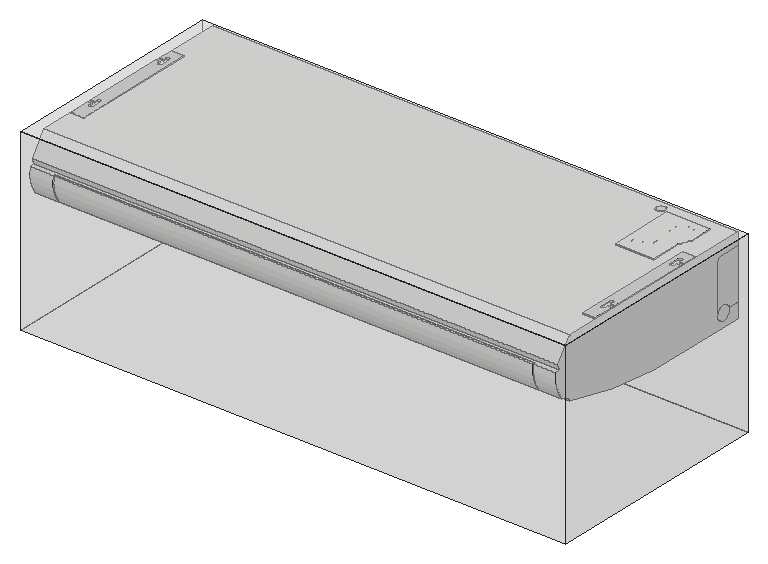
Revit family "outputfile", category 機械設備, Revit 2024
Family settings
  丸型コネクタ寸法 = 半径を使用
  パーツ タイプ = 標準
  OmniClass 番号 = 23.75.10.24.21.27.27
  OmniClass タイトル = Split System Air Conditioning Units
  作業面ベース = いいえ
  常に垂直 = はい
  ロード時にボイドで切り取り = いいえ
  注釈の向きを維持 = いいえ
  共有 = いいえ
  部屋計算ポイント = はい
Parameters (values of type "FHA140DVA")
  製造元 = "Daikin"
  書き出し IFC クラス(タイプ) = "IfcUnitaryEquipmentType"
  定義済み IFC タイプ(タイプ) = "AIRCONDITIONINGUNIT"
  モデル = "FHA140DVA"
  switch_frequency = yes
  r_Liquid Pipe Size = Liquid Pipe Size / 2  # 4.75 mm
  r_Gas Pipe Size = Gas Pipe Size / 2  # 7.95 mm
  r_Drain Pipe Size = Drain Pipe Size / 2  # 10.0 mm
  l_powersupply [instance] = if(Rear Right Connection_powersupply, 29.0 mm, 175.0 mm)  # 29.0 mm
  h_mountinghole = 2.0 mm
  connector_voltage = Voltage_50Hz  # 230 V
  connector_powerinput = [Power Input (Cooling)]  # 4.700 kW
  connector_phase = Phase_50Hz  # 1
  angle_vertical_powersupply [instance] = if(Rear Right Connection_powersupply, 90.00°, 180.00°)  # 90.00°
  angle_vertical_drainpipe [instance] = if(or(Left Connection_drainpipe, Right Connection_drainpipe), 90.00°, if(Top Connection_drainpipe, 180.00°, -90.00°))  # -90.00°
  angle_horizontal_powersupply [instance] = if(Rear Right Connection_powersupply, 180.00°, 0.00°)  # 180.00°
  angle_horizontal_drainpipe [instance] = if(Right Connection_drainpipe, 90.00°, if(Left Connection_drainpipe, -90.00°, 0.00°))  # 0.00°
  Voltage_comment_60Hz = "220-240"
  Voltage_comment_50Hz = "220-240"
  Voltage_60Hz = 230 V
  Voltage_50Hz = 230 V
  Top Connection_refrigerant [instance] = no
  Top Connection_powersupply [instance] = not(Rear Right Connection_powersupply)  # no
  Right Connection_refrigerant [instance] = no
  Rear Right Connection_refrigerant [instance] = yes
  Phase_60Hz = 1
  Phase_50Hz = 1
  Material_Casing = DAIKIN_White_Casing_indoorunit
  lw_powersupply [instance] = if(Rear Right Connection_powersupply, 220.0 mm, 210.0 mm)  # 220.0 mm
  lw_mountinghole_pitch = Width - 40.0 mm  # 1550.0 mm
  lw_mountinghole = 20.0 mm
  lw_liquidpipe [instance] = if(Right Connection_refrigerant, 156.0 mm, if(Top Connection_refrigerant, 156.0 mm, 136.0 mm))  # 136.0 mm
  lw_gaspipe = 105.0 mm
  lw_drainpipe [instance] = if(Top Connection_drainpipe, 102.0 mm, if(Width = 960.0 mm, if(or(Left Connection_drainpipe, Rear Left Connection_drainpipe), 884.0 mm, 83.0 mm), if(Width = 1270.0 mm, if(or(Left Connection_drainpipe, Rear Left Connection_drainpipe), 1194.0 mm, 83.0 mm), if(Width = 1590.0 mm, if(or(Left Connection_drainpipe, Rear Left Connection_drainpipe), 1514.0 mm, 83.0 mm), 83.0 mm))))  # 83.0 mm
  lh_powersupply = 175.0 mm
  lh_liquidpipe [instance] = if(Rear Right Connection_refrigerant, 160.0 mm, 131.0 mm)  # 160.0 mm
  lh_gaspipe [instance] = if(Rear Right Connection_refrigerant, 150.0 mm, 91.0 mm)  # 150.0 mm
  lh_drainpipe = 197.0 mm
  l_antena = 1.0 mm
  ld_powersupply = 30.0 mm
  ld_mountinghole_pitch = 260.0 mm
  ld_mountinghole = 210.0 mm
  ld_liquidpipe [instance] = if(Right Connection_refrigerant, 57.0 mm, if(Top Connection_refrigerant, 189.0 mm, 221.0 mm))  # 221.0 mm
  ld_gaspipe [instance] = if(Right Connection_refrigerant, 57.0 mm, if(Top Connection_refrigerant, 163.0 mm, 214.0 mm))  # 214.0 mm
  ld_drainpipe [instance] = if(or(Left Connection_drainpipe, Right Connection_drainpipe), 57.0 mm, if(Top Connection_drainpipe, 87.0 mm, 268.0 mm))  # 268.0 mm
  l_liquidpipe_length [instance] = if(Right Connection_refrigerant, 156.0 mm, if(Top Connection_refrigerant, 131.0 mm, 220.0 mm))  # 220.0 mm
  l_gaspipe_length [instance] = if(Right Connection_refrigerant, 105.0 mm, if(Top Connection_refrigerant, 91.0 mm, 213.0 mm))  # 213.0 mm
  l_drainpipe_length [instance] = if(Right Connection_drainpipe, 83.0 mm, if(Top Connection_drainpipe, 197.0 mm, if(Left Connection_drainpipe, 76.0 mm, 267.0 mm)))  # 267.0 mm
  h*** = 0.0 mm
  angle_vertical [instance] = if(Right Connection_refrigerant, 90.00°, if(Top Connection_refrigerant, 180.00°, -90.00°))  # -90.00°
  angle_horizontal [instance] = if(Right Connection_refrigerant, 90.00°, 0.00°)  # 0.00°
  Width = 1590.0 mm
  Version = "ver.1.0"
  Unit Type = "Ceiling"
  Unit Mass Weight = 38.00 kg
  Unit Designation [instance] = ""
  Uniclass2015Version = "Products v1.30"
  Uniclass2015Title = "Split coil room air conditioning units"
  Uniclass2015Code = "Pr_70_65_03_86"
  Total Cooling Capacity [instance] = 0.000 kW
  Top Connection_drainpipe [instance] = no
  Sound Pressure Level_M speed (dBA) = 42
  Sound Pressure Level_L speed (dBA) = 38
  Sound Pressure Level_H speed (dBA) = 46
  Series = "SkyAir_Fan Coil Unit"
  Sensible Cooling Capacity [instance] = 0.000 kW
  Rear Right Connection_drainpipe [instance] = yes
  Rear Right Connection_powersupply [instance] = yes
  Right Connection_drainpipe [instance] = no
  Refrigerant Type = "R32"
  Power Input (Cooling) = 4.700 kW
  Option Accessory 3 [instance] = ""
  Option Accessory 2 [instance] = ""
  Option Accessory 1 [instance] = ""
  Nominal Cooling Capacity = 14.000 kW
  Minimum Airflow = 1440.00 m³/h
  Median Airflow = 1740.00 m³/h
  Maximum Airflow = 2040.00 m³/h
  Load Classification = HVAC
  Liquid Pipe Size = 9.5 mm
  Link_Nested Family [instance] = ""
  Rear Left Connection_drainpipe [instance] = no
  Left Connection_drainpipe [instance] = no
  IfcVersion = ""
  IfcExportType = "AIRCONDITIONINGUNIT"
  IfcExportAs = "IfcUnitaryEquipmentType"
  Height = 235.0 mm
  Heat Exchanger Type = "Cross Fin Coil"
  Gas Pipe Size = 15.9 mm
  Frequency_60Hz = 60 Hz
  Frequency_50Hz = 50 Hz
  Fan Type = "Cross Flow Fan"
  Fan Drive = "Direct Drive"
  FCU Tag No. [instance] = ""
  Drain Pipe Size = 20.0 mm
  Design Supply Airflow [instance] = 0.00 m³/h
  Design Outdoor Airflow [instance] = 0.00 m³/h
  Depth = 690.0 mm
  既定の高さ = 0.0 mm
  Cooling Entering Wet Bulb Temperature [instance] = 0.00 °C
  Cooling Entering Dry Bulb Temperature [instance] = 0.00 °C
  Cooling Ambient Wet Bulb Temperature [instance] = 0.00 °C
  Cooling Ambient Dry Bulb Temperature [instance] = 0.00 °C
  Clearance visibility [instance] = yes
  Clearance Top = 5.0 mm
  Clearance Right = 30.0 mm
  Clearance Rear = 0.0 mm
  Clearance Left = 30.0 mm
  Clearance Front = 0.0 mm
  Clearance Bottom = 300.0 mm
Reference planes
  plane 1 "Back": y = 0
  plane 2: z = 0
  plane 3 "Center (Left/Right)": x = 0
  plane 4 "Center (Front/Back)": y = -1
  plane 5 "Front": y = -690
  plane 6 "Left": x = -795
  plane 7 "Right": x = 795
  plane 8 "Top": z = 0
  plane 9 "Bottom": z = -235
  plane 10: y = -690
  plane 11: x = -825
  plane 12: x = 825
  plane 13: z = 5
  plane 14: z = -535
  plane 15: y = 0
  plane 16 "lw_mountinghole": x = -775
  plane 17 "lw_mountinghole2": x = 775
  plane 18 "ld_mountinghole": y = -210
  plane 19 "ld_mountinghole2": y = -470
  plane 20 "lw_gaspipe": x = 690
  plane 21 "ld_gaspipe": y = -214
  plane 22 "lh_gaspipe": z = -150
  plane 23 "lw_liquidpipe": x = 659
  plane 24 "ld_liquidpipe": y = -221
  plane 25 "lh_liquidpipe": z = -160
  plane 26 "ld_drainpipe": y = -268
  plane 27 "lw_drainpipe": x = 712
  plane 28 "lh_drainpipe": z = -197
  plane 29 "lw_powersupply": x = 575
  plane 30 "lh_powersupply": z = -175
  plane 31 "ld_powersupply": y = -30
  plane 32: x = -725.5
  plane 33: x = 725.5
  plane 34: x = -750
  plane 35: x = 750
  plane 36: x = -2
  plane 37: x = 2
Forms (mm)
  Extrusion 1, solid, material "DAIKIN_White_Casing_indoorunit" <- "Material_Casing"
    sketch origin (0, 0, 0) x (0, 1, 0) y (0, 0, 1)
      loop
        line (-639.277, 0) -> (-680.876, -61.699) -> (-675.026, -77.772)
        arc (-675.026, -77.772) -> (-681.815, -78.743) -> (-688.601, -79.732) r 2634.132
        arc (-688.601, -79.732) -> (-687.018, -121.096) -> (-669.159, -158.439) r 102.2
        line (-669.159, -158.439) -> (-639.858, -169.325) -> (-635.895, -178.261)
        arc (-635.895, -178.261) -> (-479.121, -215.759) -> (-319.077, -235) r 1400.997
        line (-319.077, -235) -> (-1, -235) -> (-1, 0) -> (-639.277, 0)
    from -795 to 795
  Extrusion 2, solid, material "DAIKIN_White_Casing_indoorunit" <- "Material_Casing"
    sketch origin (0, 0, 0) x (0, 1, 0) y (0, 0, 1)
      loop
        arc (-688.601, -79.732) -> (-687.018, -121.096) -> (-669.159, -158.439) r 102.2
        line (-669.159, -158.439) -> (-665.589, -154.869)
        arc (-665.589, -154.869) -> (-682.432, -118.783) -> (-683.39, -78.971) r 97.2
        arc (-683.39, -78.971) -> (-685.996, -79.351) -> (-688.601, -79.732) r 2634.132
    from -725.5 to 725.5
  Extrusion 3, void
    sketch origin (0, 0, 0) x (0, 1, 0) y (0, 0, 1)
      loop
        line (-301.098, -235) -> (-21.098, -235) -> (-21.098, -230) -> (-301.098, -230) -> (-301.098, -235)
    from -750 to 750
  Extrusion 4, solid, material "DAIKIN_White_Grille_indoorunit"
    sketch origin (0, 0, 0) x (0, 1, 0) y (0, 0, 1)
      loop
        line (-20.098, -230) -> (-301.098, -230) -> (-301.098, -235) -> (-20.098, -235) -> (-20.098, -230)
    from -750 to -2
  Extrusion 5, solid, material "DAIKIN_White_Casing_indoorunit" <- "Material_Casing"
    sketch origin (0, 0, 0) x (1, 0, 0) y (0, 0, 1)
      loop
        line (602, -63) -> (602, -178) -> (673, -220) -> (736, -220) -> (736, -63) -> (602, -63)
    from 0 to 1
  Extrusion 6, solid, material "DAIKIN_White_Casing_indoorunit" <- "Material_Casing"
    sketch origin (0, 0, 0) x (-1, 0, 0) y (0, -1, 0)
      loop
        line (-607, 35) -> (-607, 230) -> (-723, 230) -> (-723, 135) -> (-738, 105) -> (-738, 35) -> (-607, 35)
    from 0 to 1.9
  Extrusion 7, void
    sketch origin (795, 0, 0) x (0, 1, 0) y (0, 0, 1)
      loop
        arc (-79.5, -195) -> (-55.446, -217.446) -> (-34.715, -191.9) r 22.5
        line (-34.715, -191.9) -> (-1, -191.9) -> (-1, -190.1) -> (-35.04, -190.1)
        arc (-35.04, -190.1) -> (-54.942, -172.594) -> (-77.7, -186.182) r 22.5
        line (-77.7, -186.182) -> (-77.7, -43)
        arc (-77.7, -43) -> (-76.528, -40.172) -> (-73.7, -39) r 4
        line (-73.7, -39) -> (-1, -39) -> (-1, -37.2) -> (-73.7, -37.2)
        arc (-73.7, -37.2) -> (-77.801, -38.899) -> (-79.5, -43) r 5.8
        line (-79.5, -43) -> (-79.5, -195)
      loop
        circle (-57, -195) r 20.7
    from 0 to -10
  Extrusion 8, void
    sketch origin (-1444.026, -1, 1200) x (1, 0, 0) y (0, 0, 1)
      loop
        arc (715.026, -1375) -> (704.42, -1379.393) -> (700.026, -1390) r 15
        line (700.026, -1390) -> (700.026, -1400)
        arc (700.026, -1400) -> (704.42, -1410.607) -> (715.026, -1415) r 15
        line (715.026, -1415) -> (745.026, -1415)
        arc (745.026, -1415) -> (755.633, -1410.607) -> (760.026, -1400) r 15
        line (760.026, -1400) -> (760.026, -1390)
        arc (760.026, -1390) -> (755.633, -1379.393) -> (745.026, -1375) r 15
        line (745.026, -1375) -> (715.026, -1375)
    from 0 to 10
  Extrusion 9, void
    sketch origin (-795, 0, 0) x (0, 1, 0) y (0, 0, 1)
      loop
        circle (-57, -197) r 22.5
    from 0 to 10
  Extrusion 10, void
    sketch origin (-1444.026, -1, 1200) x (1, 0, 0) y (0, 0, 1)
      loop
        circle (2136.026, -1375) r 44
    from 0 to 10
  Extrusion 11, void
    sketch origin (0, 0, 0) x (-1, 0, 0) y (0, -1, 0)
      loop
        circle (-693, 87) r 30
    from 0 to -10
  Extrusion 12, void
    sketch origin (0, 0, 0) x (-1, 0, 0) y (0, -1, 0)
      loop
        circle (-690, 163) r 18
    from 0 to -10
  Extrusion 13, void
    sketch origin (0, 0, 0) x (-1, 0, 0) y (0, -1, 0)
      loop
        circle (-639, 189) r 13
    from 0 to -10
  Extrusion 14, void
    sketch origin (-1444.026, -1, 1200) x (1, 0, 0) y (0, 0, 1)
      loop
        circle (2019.026, -1375) r 14.5
    from 0 to 10
  Extrusion 15, void
    sketch origin (0, 0, 0) x (-1, 0, 0) y (0, -1, 0)
      loop
        circle (-585, 30) r 14.5
    from 0 to -10
  Extrusion 16, void
    sketch origin (795, 0, 0) x (0, 1, 0) y (0, 0, 1)
      loop
        arc (-665.589, -154.869) -> (-682.432, -118.783) -> (-683.39, -78.971) r 97.2
        arc (-683.39, -78.971) -> (-685.996, -79.351) -> (-688.601, -79.732) r 2634.132
        arc (-688.601, -79.732) -> (-687.018, -121.096) -> (-669.159, -158.439) r 102.2
        line (-669.159, -158.439) -> (-665.589, -154.869)
    from -69.5 to -1520.5
  Extrusion 17, solid, material "DAIKIN_White_Casing_indoorunit" <- "Material_Casing"
    sketch origin (-795, 0, 0) x (0, 1, 0) y (0, 0, 1)
      loop
        circle (-57, -197) r 22.5
    from 0 to 10
  Extrusion 18, solid, material "DAIKIN_White_Grille_indoorunit"
    sketch origin (780, 0, 0) x (0, 1, 0) y (0, 0, 1)
      loop
        line (-20.098, -230) -> (-301.098, -230) -> (-301.098, -235) -> (-20.098, -235) -> (-20.098, -230)
    from -782 to -778
  Extrusion 19, solid, material "DAIKIN_White_Grille_indoorunit"
    sketch origin (0, 0, 0) x (0, 1, 0) y (0, 0, -1)
      loop
        line (-20.098, 230) -> (-20.098, 235) -> (-301.098, 235) -> (-301.098, 230) -> (-20.098, 230)
    from -750 to -2
Cuts and joins
  Extrusion 3, Extrusion 7, Extrusion 8, Extrusion 9, Extrusion 10, Extrusion 11, Extrusion 12, Extrusion 13, Extrusion 14, Extrusion 15, Extrusion 16 cuts Extrusion 1
Lines and regions (mm)
  reference lines
    curve 1: line (795, -580.282, -192.75) -> (795, -551.225, -200.21)
Dimensions and locks
  equal spacing: plane 6 "Left", plane 3 "Center (Left/Right)", plane 7 "Right"
  "Width": plane 6 "Left" to plane 7 "Right"
  "Depth": plane 5 "Front" to plane 1 "Back"
  "Height": plane 8 "Top" to plane 9 "Bottom"
  "Clearance Front": plane 10 to plane 5 "Front"
  "Clearance Left": plane 11 to plane 6 "Left"
  "Clearance Right": plane 7 "Right" to plane 12
  "Clearance Top": plane 13 to plane 8 "Top"
  "Clearance Bottom": plane 9 "Bottom" to plane 14
  "Clearance Rear": plane 1 "Back" to plane 15
  locked: plane 4 "Center (Front/Back)" to plane 1 "Back" at 1
  locked: Extrusion 1 sketch curve to Extrusion 1 sketch curve at 235
  locked: Extrusion 1 sketch curve to Extrusion 1 sketch curve at 318.077
  locked: Extrusion 1 sketch curve to Extrusion 1 sketch curve at 1163.297
  locked: Extrusion 1 sketch curve to Extrusion 1 sketch curve at 231.144
  Extrusion 3 sketch curve to Extrusion 3 sketch curve to plane 1 "Back" = 280.0 mm locked, 21.098 mm locked
  "ld_mountinghole": plane 18 "ld_mountinghole" to plane 1 "Back"
  "ld_mountinghole_pitch": plane 18 "ld_mountinghole" to plane 19 "ld_mountinghole2"
  "lw_mountinghole_pitch": plane 16 "lw_mountinghole" to plane 17 "lw_mountinghole2"
  "lw_mountinghole": plane 6 "Left" to plane 16 "lw_mountinghole"
  "lw_gaspipe": plane 20 "lw_gaspipe" to plane 7 "Right"
  "ld_gaspipe": plane 1 "Back" to plane 21 "ld_gaspipe"
  "lw_liquidpipe": plane 23 "lw_liquidpipe" to plane 7 "Right"
  "ld_liquidpipe": plane 1 "Back" to plane 24 "ld_liquidpipe"
  "lw_drainpipe": plane 27 "lw_drainpipe" to plane 7 "Right"
  "ld_drainpipe": plane 26 "ld_drainpipe" to plane 1 "Back"
  plane 8 "Top" to Extrusion 5 sketch curve to Extrusion 5 sketch curve = 63.0 mm locked, 157.0 mm locked
  plane 7 "Right" to Extrusion 5 sketch curve to Extrusion 5 sketch curve = 59.0 mm locked, 134.0 mm locked
  locked: Extrusion 5 sketch curve to Extrusion 5 sketch curve at 115
  locked: Extrusion 5 sketch curve to Extrusion 5 sketch curve at 63
  locked: Extrusion 6 sketch curve to Extrusion 6 sketch curve at 195
  locked: Extrusion 6 sketch curve to Extrusion 6 sketch curve at 116
  locked: Extrusion 6 sketch curve to Extrusion 6 sketch curve at 131
  locked: Extrusion 6 sketch curve to Extrusion 6 sketch curve at 100
  locked: Extrusion 6 sketch curve to plane 1 "Back" at 35
  locked: Extrusion 6 sketch curve to plane 7 "Right" at 57
  locked: Extrusion 8 sketch curve to Extrusion 8 sketch curve at 40
  locked: Extrusion 8 sketch curve to Extrusion 8 sketch curve at 60
  locked: plane 8 "Top" to Extrusion 8 sketch curve at 175
  locked: Extrusion 8 sketch curve to plane 6 "Left" at 51
  locked: plane 7 "Right" to Extrusion 10 sketch curve at 103
  locked: plane 8 "Top" to Extrusion 10 sketch curve at 175
  locked: Extrusion 11 sketch curve to plane 1 "Back" at 87
  locked: Extrusion 11 sketch curve to plane 7 "Right" at 102
  locked: Extrusion 12 sketch curve to plane 1 "Back" at 163
  locked: Extrusion 12 sketch curve to plane 7 "Right" at 105
  locked: Extrusion 13 sketch curve to plane 1 "Back" at 189
  locked: Extrusion 13 sketch curve to plane 7 "Right" at 156
  "lw_powersupply": plane 29 "lw_powersupply" to plane 7 "Right"
  "lh_gaspipe": plane 8 "Top" to plane 22 "lh_gaspipe"
  "lh_liquidpipe": plane 8 "Top" to plane 25 "lh_liquidpipe"
  "lh_powersupply": plane 8 "Top" to plane 30 "lh_powersupply"
  "lh_drainpipe": plane 8 "Top" to plane 28 "lh_drainpipe"
  "ld_powersupply": plane 1 "Back" to plane 31 "ld_powersupply"
  locked: plane 8 "Top" to Extrusion 7 sketch curve at 195
  locked: Extrusion 7 sketch curve to plane 1 "Back" at 57
  locked: plane 9 "Bottom" to Extrusion 7 sketch curve at 43.1
  locked: Extrusion 7 sketch curve to plane 8 "Top" at 39
  locked: Extrusion 7 sketch curve to plane 1 "Back" at 79.5
  locked: Extrusion 9 sketch curve to plane 1 "Back" at 57
  locked: plane 8 "Top" to Extrusion 9 sketch curve at 197
  locked: Extrusion 17 sketch curve to plane 1 "Back" at 57
  locked: plane 8 "Top" to Extrusion 17 sketch curve at 197
  locked: plane 7 "Right" to Extrusion 14 sketch curve at 220
  locked: plane 8 "Top" to Extrusion 14 sketch curve at 175
  locked: Extrusion 15 sketch curve to plane 7 "Right" at 210
  locked: Extrusion 15 sketch curve to plane 1 "Back" at 30
  locked: curve 1 to plane 9 "Bottom" at 34.79
  locked: curve 1 to plane 9 "Bottom" at 42.25
  locked: plane 6 "Left" to plane 32 at 69.5
  locked: plane 33 to plane 7 "Right" at 69.5
  locked: plane 35 to plane 7 "Right" at 45
  locked: plane 6 "Left" to plane 34 at 45
  plane 36 to plane 3 "Center (Left/Right)" to plane 37 = 2.0 mm locked, 2.0 mm locked
  locked: curve 1 to plane 9 "Bottom" (angle 14.40°)
  aligned and locked: level to plane 2
  aligned and locked: nested 1 to plane 11
  aligned and locked: nested 1 to plane 12
  aligned and locked: nested 1 to plane 10
  aligned and locked: plane 13 to nested 1
  aligned and locked: plane 14 to nested 1
  aligned and locked: plane 15 to nested 1
  aligned and locked: Extrusion 1 sketch curve to plane 8 "Top"
  aligned and locked: Extrusion 2 sketch curve to Extrusion 1  (x2)
  aligned and locked: plane 7 "Right" to Extrusion 1
  aligned and locked: Extrusion 1 to plane 6 "Left"
  aligned and locked: cut or joined group 1 (Extrusion 1, Extrusion 3, Extrusion 7, Extrusion 8, Extrusion 9, Extrusion 10, Extrusion 11, Extrusion 12, Extrusion 13, Extrusion 14, Extrusion 15, Extrusion 16) to Extrusion 3 sketch curve
  aligned and locked: cut or joined group 1 to Extrusion 4 sketch curve
  aligned and locked: Extrusion 5 to plane 4 "Center (Front/Back)"
  aligned and locked: Extrusion 7 sketch curve to plane 4 "Center (Front/Back)"
  aligned and locked: Extrusion 16 sketch curve to Extrusion 2  (x4)
  aligned and locked: Extrusion 16 to Extrusion 2  (x2)
  aligned and locked: nested 2 to plane 26 "ld_drainpipe"
  aligned and locked: plane 27 "lw_drainpipe" to nested 2
  aligned and locked: plane 20 "lw_gaspipe" to nested 3
  aligned and locked: nested 3 to plane 21 "ld_gaspipe"
  aligned and locked: plane 23 "lw_liquidpipe" to nested 4
  aligned and locked: nested 4 to plane 24 "ld_liquidpipe"
  aligned and locked: plane 25 "lh_liquidpipe" to nested 4
  aligned and locked: nested 5 to plane 31 "ld_powersupply"
  aligned and locked: plane 29 "lw_powersupply" to nested 5
  aligned and locked: nested 7 to plane 18 "ld_mountinghole"
  aligned and locked: plane 16 "lw_mountinghole" to nested 7
  aligned and locked: nested 6 to plane 19 "ld_mountinghole2"
  aligned and locked: plane 16 "lw_mountinghole" to nested 6
  aligned and locked: nested 9 to plane 18 "ld_mountinghole"
  aligned and locked: plane 17 "lw_mountinghole2" to nested 9
  aligned and locked: plane 17 "lw_mountinghole2" to nested 8
  aligned and locked: nested 8 to plane 19 "ld_mountinghole2"
  aligned and locked: nested 10 to curve 1
  aligned and locked: level to plane 8 "Top"
  aligned and locked: cut or joined group 1 to plane 32
  aligned and locked: plane 33 to cut or joined group 1
  aligned and locked: Extrusion 16 to plane 32
  aligned and locked: plane 33 to Extrusion 16
  aligned and locked: Extrusion 4 to plane 34
  aligned and locked: cut or joined group 1 to plane 34
  aligned and locked: plane 34 to Extrusion 4  (x3)
  aligned and locked: plane 16 "lw_mountinghole" to nested 11
  aligned and locked: plane 17 "lw_mountinghole2" to nested 12
  aligned and locked: plane 36 to Extrusion 4
  aligned and locked: Extrusion 18 to plane 36
  aligned and locked: plane 37 to Extrusion 18
  aligned and locked: Extrusion 19 to plane 37
  aligned and locked: plane 37 to Extrusion 19
  aligned and locked: plane 35 to Extrusion 19
  aligned and locked: plane 35 to Extrusion 3
  aligned and locked: Extrusion 4 to cut or joined group 1
  aligned and locked: cut or joined group 1 to Extrusion 18
  aligned and locked: cut or joined group 1 to Extrusion 19
Automatic sketch dimensions
  Extrusion 1 sketch curve to plane 4 "Center (Front/Back)" = 0.0 mm
  Extrusion 1 sketch curve to plane 5 "Front" = 102.2 mm
  Extrusion 1 sketch curve to plane 30 "lh_powersupply" = 3.261 mm
  Extrusion 1 sketch curve to plane 5 "Front" = 50.723 mm
  plane 30 "lh_powersupply" to Extrusion 1 sketch curve = 5.675 mm
  Extrusion 1 sketch curve to Extrusion 1 sketch curve = 3.963 mm
  plane 25 "lh_liquidpipe" to Extrusion 1 sketch curve = 1.561 mm
  Extrusion 1 sketch curve to plane 5 "Front" = 20.841 mm
  Extrusion 1 sketch curve to plane 5 "Front" = 14.974 mm
  Extrusion 1 sketch curve to plane 5 "Front" = 9.124 mm
  Extrusion 1 sketch curve to plane 26 "ld_drainpipe" = 37.278 mm
  Extrusion 1 sketch curve to plane 14 = 2150.825 mm
  plane 22 "lh_gaspipe" to Extrusion 1 sketch curve = 53.413 mm
  Extrusion 1 sketch curve to level = 77.772 mm
  Extrusion 1 sketch curve to Extrusion 1 sketch curve = 16.072 mm
  Extrusion 2 sketch curve to Extrusion 2 sketch curve = 0.0 mm  (x2)
  plane 25 "lh_liquidpipe" to Extrusion 2 sketch curve = 1.561 mm
  Extrusion 2 sketch curve to plane 22 "lh_gaspipe" = 4.869 mm
  Extrusion 2 sketch curve to Extrusion 2 sketch curve = 3.57 mm
  Extrusion 3 sketch curve to Extrusion 3 sketch curve = 5.0 mm
  plane 31 "ld_powersupply" to Extrusion 4 sketch curve = 9.902 mm
  Extrusion 4 sketch curve to Extrusion 4 sketch curve = 5.0 mm
  Extrusion 6 sketch curve to Extrusion 6 sketch curve = 30.0 mm
  Extrusion 7 sketch curve to Extrusion 7 sketch curve = 0.0 mm  (x6)
  Extrusion 7 sketch curve to plane 4 "Center (Front/Back)" = 0.0 mm  (x2)
  Extrusion 7 sketch curve to Extrusion 7 sketch curve = 1.8 mm  (x2)
  Extrusion 7 sketch curve to Extrusion 7 sketch curve = 4.0 mm
  Extrusion 7 sketch curve to Extrusion 7 sketch curve = 0.325 mm
  Extrusion 8 sketch curve to plane 32 = 3.5 mm  (x2)
  Extrusion 8 sketch curve to plane 28 "lh_drainpipe" = 3.0 mm
  Extrusion 8 sketch curve to Extrusion 8 sketch curve = 15.0 mm
  curve 1 to plane 5 "Front" = 109.718 mm
  Extrusion 18 sketch curve to plane 9 "Bottom" = 0.0 mm
  plane 9 "Bottom" to Extrusion 18 sketch curve = 5.0 mm
  Extrusion 18 sketch curve to plane 26 "ld_drainpipe" = 33.098 mm
  plane 31 "ld_powersupply" to Extrusion 18 sketch curve = 9.902 mm
  Extrusion 19 sketch curve to plane 9 "Bottom" = 0.0 mm
  plane 9 "Bottom" to Extrusion 19 sketch curve = 5.0 mm
  Extrusion 19 sketch curve to plane 26 "ld_drainpipe" = 33.098 mm
  plane 31 "ld_powersupply" to Extrusion 19 sketch curve = 9.902 mm
  Extrusion 4 sketch curve to plane 26 "ld_drainpipe" = 33.098 mm
  radius of Extrusion 7 sketch curve = 20.7 mm
  radius of Extrusion 9 sketch curve = 22.5 mm
  radius of Extrusion 10 sketch curve = 44.0 mm
  radius of Extrusion 11 sketch curve = 30.0 mm
  radius of Extrusion 12 sketch curve = 18.0 mm
  radius of Extrusion 13 sketch curve = 13.0 mm
  radius of Extrusion 14 sketch curve = 14.5 mm
  radius of Extrusion 15 sketch curve = 14.5 mm
  radius of Extrusion 17 sketch curve = 22.5 mm
Nested families
  nested 1: "daikin_clearancespace" at (0, -345, -264.881), visible <- "Clearance visibility", show <- "Clearance visibility", Link_Nested Family <- "Link_Nested Family", type "daikin_clearancespace"
    with width 1650.0 mm, show yes, height 540.0 mm, depth 690.0 mm, Link_Nested Family ""
  nested 2: "daikin_connector_rotate3" at (712, -268, -197), radius <- "r_Drain Pipe Size", angle_vertical <- "angle_vertical_drainpipe", angle_horizontal <- "angle_horizontal_drainpipe", length <- "l_drainpipe_length", type "daikin_connector_rotate3"
    with show no, radius 10.0 mm, length 267.0 mm, angle_vertical -90.00°, angle_horizontal 0.00°
  nested 3: "daikin_connector_rotate3" at (690, -214, -150), radius <- "r_Gas Pipe Size", angle_vertical <- "angle_vertical", angle_horizontal <- "angle_horizontal", length <- "l_gaspipe_length", type "daikin_connector_rotate3"
    with show no, radius 7.95 mm, length 213.0 mm, angle_vertical -90.00°, angle_horizontal 0.00°
  nested 4: "daikin_connector_rotate3" at (659, -221, -160), radius <- "r_Liquid Pipe Size", angle_vertical <- "angle_vertical", angle_horizontal <- "angle_horizontal", length <- "l_liquidpipe_length", type "daikin_connector_rotate3"
    with show no, radius 4.75 mm, length 220.0 mm, angle_vertical -90.00°, angle_horizontal 0.00°
  nested 5: "daikin_connector_rotate3" at (575, -30, -175), length <- "l_powersupply", angle_vertical <- "angle_vertical_powersupply", angle_horizontal <- "angle_horizontal_powersupply", type "daikin_connector_rotate3"
    with show no, radius 10.0 mm, length 29.0 mm, angle_vertical 90.00°, angle_horizontal 180.00°
  nested 6: "daikin_mountinghole" at (-775, -470, 0), l_antenna <- "l_antena", Link_Nested Family <- "Link_Nested Family", h_mountinghole <- "h_mountinghole", type "daikin_mountinghole"
    with show yes, l_antenna 1.0 mm, h_mountinghole 2.0 mm, Link_Nested Family ""
  nested 7: "daikin_mountinghole" at (-775, -210, 0), l_antenna <- "l_antena", Link_Nested Family <- "Link_Nested Family", h_mountinghole <- "h_mountinghole", type "daikin_mountinghole"
    with show yes, l_antenna 1.0 mm, h_mountinghole 2.0 mm, Link_Nested Family ""
  nested 8: "daikin_mountinghole" at (775, -470, 0), l_antenna <- "l_antena", Link_Nested Family <- "Link_Nested Family", h_mountinghole <- "h_mountinghole", type "daikin_mountinghole"
    with show yes, l_antenna 1.0 mm, h_mountinghole 2.0 mm, Link_Nested Family ""
  nested 9: "daikin_mountinghole" at (775, -210, 0), Link_Nested Family <- "Link_Nested Family", l_antenna <- "l_antena", h_mountinghole <- "h_mountinghole", type "daikin_mountinghole"
    with show yes, l_antenna 1.0 mm, h_mountinghole 2.0 mm, Link_Nested Family ""
  nested 10: "daikin_logo_plane_w40" at (647.963, -559.801, -198.008) x (1, 0, 0) z (0, -0.2487, -0.9686), type "daikin_logo_plane_w40"
    with show_logo yes
  nested 11: "daikin_hangerfixture_FHA-DVA" at (-775, 0, 0), type "daikin_hangerfixture_FHA-DVA"
    with width 38.0 mm, height 2.0 mm, depth 380.0 mm
  nested 12: "daikin_hangerfixture_FHA-DVA" at (775, 0, 0) x (-1, 0, 0) z (0, 0, 1), type "daikin_hangerfixture_FHA-DVA"
    with width 38.0 mm, height 2.0 mm, depth 380.0 mm
Connectors
  piping at (712, -1, -197), diameter 20, driven by "r_Drain Pipe Size"
    settings: on nested 2, index 1, connector inside diameter 609.6 mm, connector length 0.0 mm, flow factor 0, pipe flow 0.00 m³/h, pressure drop 0.0 Pa, fitting loss kfactor 0, connector angle 0.00°, fixture units 0, engagement length 0.0 mm, angle of deflection 0.00°, flow configuration 1, flow direction 2, fitting loss method 4, system type 16, joint type 0, gender type 0, connector reference index -1, connector utility 0, adjustable connector no, is connector primary yes, connector description "Condensate Drain Piping"
  piping at (690, -1, -150), diameter 15.9, driven by "r_Gas Pipe Size"
    settings: on nested 3, index 3, connector inside diameter 609.6 mm, connector length 0.0 mm, flow factor 0, pipe flow 0.00 m³/h, pressure drop 0.0 Pa, fitting loss kfactor 0, connector angle 0.00°, fixture units 0, engagement length 0.0 mm, angle of deflection 0.00°, flow configuration 1, flow direction 2, fitting loss method 0, system type 29, joint type 0, gender type 0, connector reference index -1, connector utility 0, adjustable connector no, is connector primary no, connector description "Refrigerant Gas Piping"
  piping at (659, -1, -160), diameter 9.5, driven by "r_Liquid Pipe Size"
    settings: on nested 4, index 4, connector inside diameter 609.6 mm, connector length 0.0 mm, flow factor 0, pipe flow 0.00 m³/h, pressure drop 0.0 Pa, fitting loss kfactor 0, connector angle 0.00°, fixture units 0, engagement length 0.0 mm, angle of deflection 0.00°, flow configuration 1, flow direction 1, fitting loss method 0, system type 29, joint type 0, gender type 0, connector reference index -1, connector utility 0, adjustable connector no, is connector primary no, connector description "Refrigerant Liquid Piping"
  electrical at (575, -1, -175), driven by "Load Classification", driven by "connector_powerinput", driven by "connector_phase", driven by "connector_voltage"
    settings: on nested 5, index 6, voltage 230 V, apparent load 4700 VA, apparent load phase1 0 VA, apparent load phase2 0 VA, apparent load phase3 0 VA, power factor 1, load classification "HVAC", number of poles 1, system type 30, power factor state 1, is connector primary yes, connector utility no, sub classification motor no, connector description "Power Supply"
Definition of nested family "daikin_clearancespace"
  Parameters (values of type "daikin_clearancespace")
    Description = "daikin_clearancespace"
    width [instance] = 1823.963 mm
    show [instance] = yes
    material = none
    height [instance] = 1359.762 mm
    depth [instance] = 880.0 mm
    Default Elevation = 0.0 mm
    Link_Nested Family [instance] = ""
  Reference planes
    plane 1 "Center (Front/Back)": y = 0
    plane 2 "Center (Elevation)": z = -0.119
    plane 3 "Center (Left/Right)": x = 0
    plane 4: y = 440
    plane 5: y = -440
    plane 6 "Right": x = 911.982
    plane 7 "Left": x = -911.982
    plane 8 "Top": z = 679.762
    plane 9 "Bottom": z = -680
  Forms (mm)
    Extrusion 1, solid, material <- "material", visible <- "show"
      sketch origin (0, 0, 0) x (1, 0, 0) y (0, 1, 0)
        loop
          line (-911.982, 440) -> (-911.982, -440) -> (911.982, -440) -> (911.982, 440) -> (-911.982, 440)
      from -680 to 679.762
  Lines and regions (mm)
    symbolic lines, visible <- "show"
      curve 1: line (911.982, 440, 0) -> (-911.982, 440, 0)
      curve 2: line (-911.982, 440, 0) -> (-911.982, -440, 0)
      curve 3: line (-911.982, -440, 0) -> (911.982, -440, 0)
      curve 4: line (911.982, -440, 0) -> (911.982, 440, 0)
      curve 5: line (911.982, 0, 679.762) -> (-911.982, 0, 679.762)
      curve 6: line (911.982, 0, -680) -> (911.982, 0, 679.762)
      curve 7: line (-911.982, 0, -680) -> (911.982, 0, -680)
      curve 8: line (-911.982, 0, 679.762) -> (-911.982, 0, -680)
      curve 9: line (0, 440, 679.762) -> (0, -440, 679.762)
      curve 10: line (0, -440, 679.762) -> (0, -440, -680)
      curve 11: line (0, 440, -680) -> (0, 440, 679.762)
      curve 12: line (0, -440, -680) -> (0, 440, -680)
  Dimensions and locks
    "width": plane 7 "Left" to plane 6 "Right"
    "depth": plane 4 to plane 5
    "height": plane 8 "Top" to plane 9 "Bottom"
    equal spacing: plane 7 "Left", plane 3 "Center (Left/Right)", plane 6 "Right"
    equal spacing: plane 4, plane 1 "Center (Front/Back)", plane 5
    equal spacing: plane 8 "Top", plane 2 "Center (Elevation)", plane 9 "Bottom"
    aligned and locked: level to plane 2 "Center (Elevation)"
    aligned and locked: Extrusion 1 sketch curve to plane 4
    aligned and locked: plane 7 "Left" to Extrusion 1 sketch curve
    aligned and locked: Extrusion 1 sketch curve to plane 5
    aligned and locked: Extrusion 1 sketch curve to plane 6 "Right"
    aligned and locked: plane 8 "Top" to Extrusion 1
    aligned and locked: curve 1 to Extrusion 1
    aligned and locked: curve 2 to Extrusion 1
    aligned and locked: curve 3 to Extrusion 1
    aligned and locked: curve 4 to Extrusion 1
    aligned and locked: curve 5 to Extrusion 1
    aligned and locked: curve 6 to Extrusion 1
    aligned and locked: curve 7 to Extrusion 1
    aligned and locked: curve 8 to Extrusion 1
    aligned and locked: curve 9 to Extrusion 1
    aligned and locked: curve 10 to Extrusion 1
    aligned and locked: curve 11 to Extrusion 1
    aligned and locked: curve 12 to Extrusion 1
    aligned and locked: Extrusion 1 to plane 9 "Bottom"
Definition of nested family "daikin_logo_plane_w40"
  Parameters (values of type "daikin_logo_plane_w40")
    width = 40.0 mm
    show_logo [instance] = yes
    material = none
    height = 0.0 mm
    depth = 0.0 mm
    Default Elevation = 1219.2 mm
  Reference planes
    plane 1 "Center (Front/Back)": y = 0
    plane 2: z = 0
    plane 3 "Center (Left/Right)": x = 0
    plane 4: z = 2
    plane 5 "left": x = -19
    plane 6: x = 19
  Forms (mm)
    Extrusion 1, solid, visible <- "show_logo"
      sketch origin (-19, 0, 0) x (1, 0, 0) y (0, 1, 0)
        loop
          line (8.902, -1.878) -> (7.789, -6.332) -> (11.13, -6.332)
          arc (11.13, -6.332) -> (12.454, -6.064) -> (13.472, -5.176) r 2.642
          arc (13.472, -5.176) -> (13.92, -4.02) -> (13.767, -2.79) r 2.537
          arc (13.767, -2.79) -> (13.452, -2.342) -> (12.982, -2.06) r 1.321
          arc (12.982, -2.06) -> (12.063, -1.902) -> (11.13, -1.878) r 6.479
          line (11.13, -1.878) -> (8.902, -1.878)
        loop
          line (10.016, -5.441) -> (10.907, -5.441)
          arc (10.907, -5.441) -> (11.591, -4.983) -> (11.988, -4.261) r 1.742
          spline (11.988, -4.261) -> (12.01, -4.155) -> (12.027, -4.03) -> (12.037, -3.893) -> (12.037, -3.747) -> (12.026, -3.598) -> (12.002, -3.451) -> (11.962, -3.31) -> (11.905, -3.181) -> (11.829, -3.069) -> (11.731, -2.978) -> (11.61, -2.913) -> (11.464, -2.88)
          line (11.464, -2.88) -> (10.573, -2.88) -> (10.016, -5.441)
        loop
          line (13.58, -6.332) -> (14.805, -6.332) -> (15.223, -5.553) -> (16.977, -5.553) -> (17.144, -6.332) -> (19.149, -6.332) -> (18.258, -1.878) -> (16.03, -1.878) -> (13.58, -6.332)
        loop
          line (16.476, -3.214) -> (15.76, -4.551) -> (16.762, -4.551) -> (16.476, -3.214)
        loop
          line (19.705, -6.332) -> (21.599, -6.332) -> (22.712, -1.878) -> (20.819, -1.878) -> (19.705, -6.332)
        loop
          line (22.712, -6.332) -> (24.606, -6.332) -> (24.908, -5.122) -> (25.831, -6.332) -> (28.17, -6.332) -> (26.388, -3.994) -> (28.949, -1.878) -> (26.945, -1.878) -> (25.401, -3.153) -> (25.719, -1.878) -> (23.826, -1.878) -> (22.712, -6.332)
        loop
          line (29.84, -1.878) -> (28.615, -6.332) -> (30.62, -6.332) -> (31.734, -1.878) -> (29.84, -1.878)
        loop
          line (31.734, -6.332) -> (33.07, -6.332) -> (33.7, -3.814) -> (34.518, -6.332) -> (36.745, -6.332) -> (37.859, -1.878) -> (36.523, -1.878) -> (35.845, -4.589) -> (34.963, -1.878) -> (32.847, -1.878) -> (31.734, -6.332)
      from 0 to 2
    Extrusion 2, solid, visible <- "show_logo"
      sketch origin (-19, 0, 0) x (1, 0, 0) y (0, 1, 0)
        loop
          line (8.7, 0) -> (4.235, 0) -> (0, -3.879) -> (0, -8) -> (8.7, 0)
      from 0 to 2
    Extrusion 3, solid, visible <- "show_logo"
      sketch origin (-19, 0, 0) x (1, 0, 0) y (0, 1, 0)
        loop
          line (0, 0) -> (0, -3.879) -> (4.235, 0) -> (0, 0)
      from 0 to 2
  Dimensions and locks
    plane 4 to plane 2 = 2.0 mm
    equal spacing: plane 5 "left", plane 3 "Center (Left/Right)", plane 6
    locked: plane 5 "left" to plane 6 at 38
    aligned and locked: level to plane 2
    aligned and locked: Extrusion 3 to plane 1 "Center (Front/Back)"  (x2)
    aligned and locked: Extrusion 2 to plane 1 "Center (Front/Back)"  (x2)
    aligned and locked: plane 4 to Extrusion 1
    aligned and locked: plane 4 to Extrusion 3
    aligned and locked: plane 4 to Extrusion 2
    aligned and locked: Extrusion 3 to plane 5 "left"
    aligned and locked: Extrusion 2 to plane 5 "left"
  Automatic sketch dimensions
    Extrusion 1 sketch curve to Extrusion 1 sketch curve = 0.901 mm
    Extrusion 1 sketch curve to Extrusion 1 sketch curve = 1.559 mm
    Extrusion 1 sketch curve to Extrusion 1 sketch curve = 1.327 mm
    Extrusion 1 sketch curve to Extrusion 1 sketch curve = 2.145 mm
    Extrusion 1 sketch curve to Extrusion 1 sketch curve = 1.448 mm
    Extrusion 1 sketch curve to Extrusion 1 sketch curve = 2.116 mm
    Extrusion 1 sketch curve to Extrusion 1 sketch curve = 1.114 mm  (x4)
    Extrusion 1 sketch curve to Extrusion 1 sketch curve = 1.336 mm  (x2)
    plane 1 "Center (Front/Back)" to Extrusion 1 sketch curve = 1.878 mm  (x5)
    Extrusion 1 sketch curve to Extrusion 1 sketch curve = 1.893 mm  (x5)
    Extrusion 1 sketch curve to Extrusion 1 sketch curve = 0.891 mm  (x4)
    Extrusion 1 sketch curve to Extrusion 1 sketch curve = 2.005 mm  (x3)
    Extrusion 1 sketch curve to Extrusion 1 sketch curve = 0.445 mm  (x2)
    plane 1 "Center (Front/Back)" to Extrusion 1 sketch curve = 3.994 mm
    Extrusion 1 sketch curve to Extrusion 1 sketch curve = 0.557 mm  (x2)
    Extrusion 1 sketch curve to Extrusion 1 sketch curve = 2.339 mm  (x2)
    Extrusion 1 sketch curve to Extrusion 1 sketch curve = 1.225 mm  (x3)
    plane 1 "Center (Front/Back)" to Extrusion 1 sketch curve = 3.153 mm
    Extrusion 1 sketch curve to Extrusion 1 sketch curve = 0.987 mm
    plane 1 "Center (Front/Back)" to Extrusion 1 sketch curve = 5.122 mm
    Extrusion 1 sketch curve to Extrusion 1 sketch curve = 0.922 mm
    plane 1 "Center (Front/Back)" to Extrusion 1 sketch curve = 6.332 mm
    Extrusion 1 sketch curve to Extrusion 1 sketch curve = 2.562 mm
    plane 1 "Center (Front/Back)" to Extrusion 1 sketch curve = 5.553 mm
    Extrusion 1 sketch curve to Extrusion 1 sketch curve = 0.167 mm
    Extrusion 1 sketch curve to Extrusion 1 sketch curve = 0.215 mm
    plane 1 "Center (Front/Back)" to Extrusion 1 sketch curve = 3.214 mm
    Extrusion 1 sketch curve to Extrusion 1 sketch curve = 0.286 mm
    plane 1 "Center (Front/Back)" to Extrusion 1 sketch curve = 4.551 mm
    Extrusion 1 sketch curve to Extrusion 1 sketch curve = 1.002 mm
    Extrusion 1 sketch curve to Extrusion 1 sketch curve = 0.537 mm
    Extrusion 1 sketch curve to Extrusion 1 sketch curve = 0.418 mm
    Extrusion 1 sketch curve to Extrusion 1 sketch curve = 1.028 mm
    plane 1 "Center (Front/Back)" to Extrusion 1 sketch curve = 4.261 mm
    Extrusion 1 sketch curve to Extrusion 1 sketch curve = 0.563 mm
    plane 1 "Center (Front/Back)" to Extrusion 1 sketch curve = 2.88 mm
    Extrusion 1 sketch curve to Extrusion 1 sketch curve = 1.088 mm
    Extrusion 1 sketch curve to Extrusion 1 sketch curve = 2.152 mm
    Extrusion 1 sketch curve to Extrusion 1 sketch curve = 0.586 mm
    Extrusion 1 sketch curve to Extrusion 1 sketch curve = 0.118 mm
    Extrusion 1 sketch curve to Extrusion 1 sketch curve = 0.298 mm
    Extrusion 1 sketch curve to Extrusion 1 sketch curve = 0.334 mm
    Extrusion 1 sketch curve to Extrusion 1 sketch curve = 0.223 mm
    Extrusion 1 sketch curve to Extrusion 1 sketch curve = 0.266 mm
    Extrusion 1 sketch curve to Extrusion 1 sketch curve = 1.671 mm
    Extrusion 1 sketch curve to Extrusion 1 sketch curve = 2.227 mm
    Extrusion 1 sketch curve to Extrusion 1 sketch curve = 0.0 mm  (x7)
    Extrusion 1 sketch curve to Extrusion 1 sketch curve = 3.453 mm
    Extrusion 1 sketch curve to Extrusion 1 sketch curve = 2.017 mm
    Extrusion 1 sketch curve to Extrusion 1 sketch curve = 0.78 mm  (x2)
    Extrusion 1 sketch curve to Extrusion 1 sketch curve = 1.743 mm
    Extrusion 1 sketch curve to Extrusion 1 sketch curve = 0.775 mm
    Extrusion 1 sketch curve to Extrusion 1 sketch curve = 0.552 mm
    Extrusion 1 sketch curve to Extrusion 1 sketch curve = 0.014 mm
    Extrusion 1 sketch curve to Extrusion 1 sketch curve = 0.952 mm
    Extrusion 1 sketch curve to Extrusion 1 sketch curve = 1.215 mm
    Extrusion 1 sketch curve to Extrusion 1 sketch curve = 0.108 mm
    plane 1 "Center (Front/Back)" to Extrusion 2 sketch curve = 0.0 mm
    Extrusion 2 sketch curve to plane 3 "Center (Left/Right)" = 19.0 mm
    Extrusion 2 sketch curve to plane 3 "Center (Left/Right)" = 14.765 mm
    Extrusion 2 sketch curve to Extrusion 2 sketch curve = 4.465 mm
    plane 1 "Center (Front/Back)" to Extrusion 2 sketch curve = 3.879 mm
    Extrusion 2 sketch curve to Extrusion 2 sketch curve = 4.12 mm
    plane 1 "Center (Front/Back)" to Extrusion 3 sketch curve = 0.0 mm
    Extrusion 3 sketch curve to plane 3 "Center (Left/Right)" = 19.0 mm
    Extrusion 3 sketch curve to plane 3 "Center (Left/Right)" = 14.765 mm
    plane 1 "Center (Front/Back)" to Extrusion 3 sketch curve = 3.879 mm
    Extrusion 1 sketch curve to plane 3 "Center (Left/Right)" = 11.211 mm
    Extrusion 1 sketch curve to Extrusion 1 sketch curve = 1.782 mm
Definition of nested family "daikin_hangerfixture_FHA-DVA"
  Parameters (values of type "daikin_hangerfixture_FHA-CV2S")
    width = 44.0 mm
    material = none
    height = 155.0 mm
    depth = 33.0 mm
    Default Elevation = 0.0 mm
  Reference planes
    plane 1 "Center (Front/Back)": y = 0
    plane 2: z = 0
    plane 3 "Center (Left/Right)": x = 0
    plane 4: z = -2.3
    plane 5: z = -155
    plane 6: z = -12
  Forms (mm)
    Extrusion 1, solid
      sketch origin (0, 0, 0) x (1, 0, 0) y (0, 1, 0)
        loop
          line (20, -159) -> (-18, -159) -> (-18, -204) -> (-6, -204) -> (-6, -196)
          arc (-6, -196) -> (0, -190) -> (6, -196) r 6
          line (6, -196) -> (6, -224)
          arc (6, -224) -> (0, -230) -> (-6, -224) r 6
          line (-6, -224) -> (-6, -216) -> (-18, -216) -> (-18, -464) -> (-6, -464) -> (-6, -456)
          arc (-6, -456) -> (0, -450) -> (6, -456) r 6
          line (6, -456) -> (6, -484)
          arc (6, -484) -> (0, -490) -> (-6, -484) r 6
          line (-6, -484) -> (-6, -476) -> (-18, -476) -> (-18, -539) -> (20, -539) -> (20, -159)
      from 0 to 2
  Dimensions and locks
    plane 2 to plane 4 = 2.3 mm
    "height": plane 2 to plane 5
    locked: plane 2 to plane 6 at 12
    aligned and locked: level to plane 2
  Automatic sketch dimensions
    plane 3 "Center (Left/Right)" to Extrusion 1 sketch curve = 20.0 mm
    plane 1 "Center (Front/Back)" to Extrusion 1 sketch curve = 159.0 mm
    Extrusion 1 sketch curve to plane 3 "Center (Left/Right)" = 18.0 mm
    Extrusion 1 sketch curve to Extrusion 1 sketch curve = 380.0 mm
    Extrusion 1 sketch curve to Extrusion 1 sketch curve = 63.0 mm
    Extrusion 1 sketch curve to plane 3 "Center (Left/Right)" = 0.0 mm  (x4)
    plane 3 "Center (Left/Right)" to Extrusion 1 sketch curve = 6.0 mm
    Extrusion 1 sketch curve to Extrusion 1 sketch curve = 8.0 mm  (x4)
    Extrusion 1 sketch curve to Extrusion 1 sketch curve = 20.0 mm  (x2)
    Extrusion 1 sketch curve to Extrusion 1 sketch curve = 0.0 mm  (x2)
    Extrusion 1 sketch curve to Extrusion 1 sketch curve = 57.0 mm
    Extrusion 1 sketch curve to plane 3 "Center (Left/Right)" = 6.0 mm
Definition of nested family "daikin_connector_rotate3"
  Parameters (values of type "daikin_connector_rotate3")
    show [instance] = yes
    radius [instance] = 10.0 mm
    length [instance] = 600.0 mm
    angle_horizontal [instance] = 60.00°
    angle_vertical [instance] = 90.00°
    Default Elevation = 1219.2 mm
  Reference planes
    plane 1 "Center (Front/Back)": y = 0
    plane 2: z = 0
    plane 3 "Center (Left/Right)": x = 0
  Dimensions and locks
    "angle_horizontal": angle plane 3 "Center (Left/Right)" to nested 1
    aligned and locked: level to plane 2
    aligned and locked: plane 1 "Center (Front/Back)" to nested 1  (x2)
    aligned and locked: plane 3 "Center (Left/Right)" to nested 1
  Nested families
    nested 1: "daikin_connector_rotate2" at (0, 0, 0) x (0.5, 0.866, 0) z (0, 0, 1), angle_vertical <- "angle_vertical", length <- "length", radius <- "radius", type "daikin_connector_rotate2"
      with radius 10.0 mm, length 600.0 mm, angle_vertical 90.00°
  Definition of nested family "daikin_connector_rotate2"
    Parameters (values of type "daikin_connector_rotate2")
      show_face = yes
      radius [instance] = 10.0 mm
      length [instance] = 600.0 mm
      d_surface = 10.0 mm
      angle_vertical [instance] = 90.00°
      Default Elevation = 0.0 mm
    Reference planes
      plane 1 "Center (Front/Back)": y = 0
      plane 2: z = 0
      plane 3 "Center (Left/Right)": x = 0
    Forms (mm)
      Extrusion 1, solid, visible <- "show_face"
        sketch origin (0, -600, 0) x (1, 0, 0) y (0, 0, 1)
          loop
            circle (0, 0) r 10
        from 0 to -10
    Lines and regions (mm)
      reference lines
        curve 1: line (0, 0, 0) -> (0, -600, 0)
      symbolic lines
        curve 2: circle (0, 0, 0) r 5 normal (0, 0, 1)
      model lines, visible <- "show_face"
        curve 3: line (0, 0, 0) -> (0, -600, 0)
    Dimensions and locks
      "length": curve 1 to curve 1
      "length": curve 3 to curve 3
      "d_surface": Extrusion 1 to Extrusion 1
      "radius": radius of Extrusion 1 sketch curve
      "angle_vertical": angle curve 1 to plane 1 "Center (Front/Back)"
      "angle_vertical": angle curve 3 to plane 1 "Center (Front/Back)"
      aligned and locked: level to plane 2
      aligned and locked: plane 1 "Center (Front/Back)" to curve 1
      aligned and locked: plane 2 to curve 1
      aligned and locked: plane 1 "Center (Front/Back)" to curve 2
      aligned and locked: plane 3 "Center (Left/Right)" to curve 2
      aligned and locked: plane 1 "Center (Front/Back)" to curve 3
      aligned and locked: plane 2 to curve 3
      aligned and locked: Extrusion 1 to Extrusion 1
    Automatic sketch dimensions
      Extrusion 1 sketch curve to level = 0.0 mm
      Extrusion 1 sketch curve to plane 3 "Center (Left/Right)" = 0.0 mm
      radius of curve 2 = 5.0 mm
Definition of nested family "daikin_mountinghole"
  Parameters (values of type "daikin_mountinghole")
    Default Elevation = 1219.2 mm
    Type Comments = "mountinghole"
    show [instance] = yes
    material = none
    l_centerline = 100.0 mm
    l_antenna [instance] = 100.0 mm
    h_mountinghole [instance] = 0.0 mm
    d_circle = 30.0 mm
    Link_Nested Family [instance] = ""
  Reference planes
    plane 1 "Center (Front/Back)": y = 0
    plane 2: z = 0
    plane 3 "Center (Left/Right)": x = 0
    plane 4: y = 50
    plane 5: x = -50
    plane 6: x = 50
    plane 7: y = -50
    plane 8 "h_mountinghole": z = 0
    plane 9: z = 100
  Lines and regions (mm)
    model lines, detail levels fine
      curve 1: circle (0, 0, 0) r 15 normal (0, 0, 1)
      curve 2: line (-50, 0, 0) -> (50, 0, 0)
      curve 3: line (0, 50, 0) -> (0, -50, 0)
    symbolic lines, detail levels fine
      curve 4: circle (0, 0, 0) r 15 normal (0, 0, 1)
      curve 5: line (-50, 0, 0) -> (50, 0, 0)
      curve 6: line (0, 50, 0) -> (0, -50, 0)
    model lines
      curve 7: line (0, 0, 100) -> (0, 0, 0)
  Dimensions and locks
    equal spacing: plane 4, plane 1 "Center (Front/Back)", plane 7
    "l_centerline": plane 4 to plane 7
    equal spacing: plane 5, plane 3 "Center (Left/Right)", plane 6
    "l_centerline": plane 5 to plane 6
    "l_antenna": plane 9 to plane 8 "h_mountinghole"
    "h_mountinghole": plane 8 "h_mountinghole" to plane 2
    "d_circle": diameter of curve 1
    "d_circle": diameter of curve 4
    aligned and locked: level to plane 2
    aligned and locked: plane 1 "Center (Front/Back)" to curve 1
    aligned and locked: plane 3 "Center (Left/Right)" to curve 1
    aligned and locked: plane 1 "Center (Front/Back)" to curve 2
    aligned and locked: curve 3 to plane 3 "Center (Left/Right)"
    aligned and locked: plane 6 to curve 2
    aligned and locked: plane 5 to curve 2
    aligned and locked: plane 4 to curve 3
    aligned and locked: plane 7 to curve 3
    aligned and locked: plane 1 "Center (Front/Back)" to curve 4
    aligned and locked: plane 3 "Center (Left/Right)" to curve 4
    aligned and locked: plane 6 to curve 5
    aligned and locked: plane 5 to curve 5
    aligned and locked: plane 1 "Center (Front/Back)" to curve 5
    aligned and locked: plane 4 to curve 6
    aligned and locked: plane 7 to curve 6
    aligned and locked: curve 6 to plane 3 "Center (Left/Right)"
    aligned and locked: curve 7 to plane 3 "Center (Left/Right)"
    aligned and locked: plane 9 to curve 7
    aligned and locked: plane 8 "h_mountinghole" to curve 7
